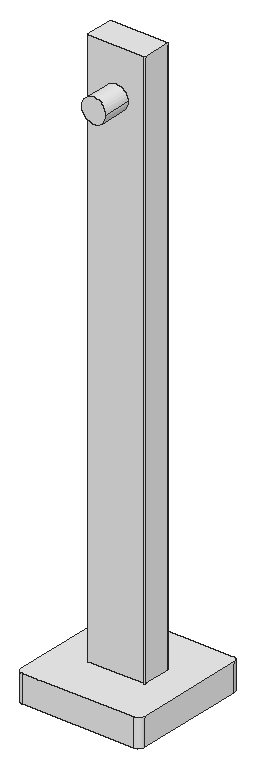
Revit family "Shower_Arm-GROHE-Rainshower-27710000", category Plumbing Fixtures, host Face, Revit 2014
Parameters
  Width = 7/8"  # constant formula
  Waste Connection = no
  Warranty Documentation Link = "https://cdn.cloud.grohe.com/tpi/1000/1900/1940/1949/1949006/original/1949006.pdf"
  WFU = 4  # constant formula
  Vent Connection = no
  URL = "https://www.grohe.us/"
  Type Comments = ""
  Tempered Connection Radius = Tempered Connection Diameter / 2  # 1/4"
  Tempered Connection Diameter = Hot Water Connection Diameter  # 1/2"
  Product Page URL = "https://www.grohe.us/en_us/rainshower-11-1-4-shower-arm-27710000.html"
  Price = "Prices may vary. Please consult Manufacturer Representative for most up-to-date price list."  # constant formula
  Model = "27710000"
  Material = "Metal-Grohe-000-Chrome"
  Manufacturer = "Grohe"
  Length = 3 3/16"  # constant formula
  Installation Type = "Wall Mounted"
  Hot Water Connection Radius = Hot Water Connection Diameter / 2  # 1/4"
  Hot Water Connection Diameter = Cold Water Connection Diameter  # 1/2"
  Height = 11 1/4"  # constant formula
  HWFU = 3  # constant formula
  Flow Rate = "2.0 gpm (7.6 L/min)"  # constant formula
  Finish = Metal-Grohe-000-Chrome
  Description = "Rainshower 11-1/4\" Shower Arm"
  Default Elevation = 78"  # constant formula
  Creation Date = "03/13/2017"  # constant formula
  Cold Water Connection Radius = 1/4"  # constant formula
  Cold Water Connection Diameter = Cold Water Connection Radius * 2  # 1/2"
  CWFU = 3  # constant formula
  Assembly Code = "D2090800"
Reference planes (in)
  plane 1 "Center (Front/Back)": y = 0
  plane 2: z = 0
  plane 3 "Center (Left/Right)": x = 0
  plane 4: z = 11.25
  plane 5: y = -0.875
  plane 6: x = -1.28125
  plane 7: y = 1.28125
  plane 8: z = 0.5625
  plane 9: x = 1.28125
  plane 10: y = -1.28125
Forms (in)
  Extrusion 1, solid, material "Metal-Grohe-000-Chrome" <- "Finish"
    sketch origin (0, 0, 0) x (1, 0, 0) y (0, 1, 0)
      loop
        arc (-1.15371, 1.28125) -> (-1.24389, 1.24389) -> (-1.28125, 1.15371) r 0.12754
        line (-1.28125, 1.15371) -> (-1.28125, -1.15371)
        arc (-1.28125, -1.15371) -> (-1.24389, -1.24389) -> (-1.15371, -1.28125) r 0.12754
        line (-1.15371, -1.28125) -> (1.15371, -1.28125)
        arc (1.15371, -1.28125) -> (1.24389, -1.24389) -> (1.28125, -1.15371) r 0.12754
        line (1.28125, -1.15371) -> (1.28125, 1.15371)
        arc (1.28125, 1.15371) -> (1.24389, 1.24389) -> (1.15371, 1.28125) r 0.12754
        line (1.15371, 1.28125) -> (-1.15371, 1.28125)
    from 0 to 0.5625
  Extrusion 2, solid, material "Metal-Grohe-000-Chrome" <- "Finish"
    sketch origin (0, 0, 0) x (1, 0, 0) y (0, 1, 0)
      loop
        arc (-0.60039, -0.285) -> (-0.5945, -0.29923) -> (-0.58028, -0.30512) r 0.02012
        line (-0.58028, -0.30512) -> (0.58028, -0.30512)
        arc (0.58028, -0.30512) -> (0.5945, -0.29923) -> (0.60039, -0.285) r 0.02012
        line (0.60039, -0.285) -> (0.60039, 0.285)
        arc (0.60039, 0.285) -> (0.5945, 0.29923) -> (0.58028, 0.30512) r 0.02012
        line (0.58028, 0.30512) -> (-0.58028, 0.30512)
        arc (-0.58028, 0.30512) -> (-0.5945, 0.29923) -> (-0.60039, 0.285) r 0.02012
        line (-0.60039, 0.285) -> (-0.60039, -0.285)
    from 0 to 12.20472
  Extrusion 3, solid, material "Metal-Grohe-000-Chrome" <- "Finish"
    sketch origin (0, 0, 0) x (1, 0, 0) y (0, 0, 1)
      loop
        circle (0, 11.25) r 0.25
    from 0 to 0.875
Cuts and joins
  joined: Extrusion 1, Extrusion 2, Extrusion 3
Lines and regions (in)
  Masking region 1
    outline origin (0, 0, 0) x (1, 0, 0) y (0, 0, 1)
      loop
        line (1.28125, 0) -> (1.28125, 0.5625) -> (0.60039, 0.5625) -> (0.60039, 12.20472) -> (-0.60039, 12.20472) -> (-0.60039, 0.5625) -> (-1.28125, 0.5625) -> (-1.28125, 0) -> (1.28125, 0)
  symbolic lines, style "PlumbingFixtures", detail levels fine
    curve 1: line (0.60039, 0, 0.5625) -> (-0.60039, 0, 0.5625)
Dimensions and locks (in)
  "Height": plane 4 to level
  "Width": plane 1 "Center (Front/Back)" to plane 5
  plane 8 to level = 9/16"
  aligned and locked: plane 2 to host face
  aligned and locked: level to host face
  aligned and locked: plane 7 to Extrusion 1 sketch curve
  aligned and locked: plane 6 to Extrusion 1 sketch curve
  aligned and locked: plane 10 to Extrusion 1 sketch curve
  aligned and locked: plane 9 to Extrusion 1 sketch curve
  aligned and locked: plane 8 to Extrusion 1
  aligned and locked: plane 5 to Extrusion 3
Automatic sketch dimensions
  host sketch curve to host sketch curve = 96"  (x2)
  Extrusion 1 sketch curve to Extrusion 1 sketch curve = 0.12754"  (x3)
  plane 10 to Extrusion 1 sketch curve = 0.12754"
  Extrusion 2 sketch curve to plane 3 "Center (Left/Right)" = 0.60039"
  Extrusion 2 sketch curve to Extrusion 2 sketch curve = 0.02012"  (x3)
  Extrusion 2 sketch curve to plane 1 "Center (Front/Back)" = 0.285"
  plane 3 "Center (Left/Right)" to Extrusion 2 sketch curve = 0.58028"
  Extrusion 2 sketch curve to Extrusion 2 sketch curve = 0"
  plane 1 "Center (Front/Back)" to Extrusion 2 sketch curve = 0.285"
  Extrusion 3 sketch curve to plane 3 "Center (Left/Right)" = 0"
  Extrusion 3 sketch curve to plane 4 = 0"
  Masking region 1 sketch curve to plane 6 = 0"
  Masking region 1 sketch curve to plane 8 = 0"  (x2)
  Masking region 1 sketch curve to level = 0"
  plane 9 to Masking region 1 sketch curve = 0"
  Masking region 1 sketch curve to plane 3 "Center (Left/Right)" = 0.60039"
  plane 4 to Masking region 1 sketch curve = 0.95472"
  plane 3 "Center (Left/Right)" to Masking region 1 sketch curve = 0.60039"
  curve 1 to plane 8 = 0"
  curve 1 to plane 3 "Center (Left/Right)" = 0.60039"
  plane 3 "Center (Left/Right)" to curve 1 = 0.60039"
  radius of Extrusion 3 sketch curve = 1/4"
Connectors (in)
  piping at (0, 0, 0), diameter 0.5, driven by "Tempered Connection Diameter"
    settings: on cut or joined group of Extrusion 1, Extrusion 2, Extrusion 3, index 1, connector inside diameter 24", connector length 0", flow factor 0, pipe flow 0 GPM, pressure drop 0.00 psi, fitting loss kfactor 0, connector angle 0.00°, fixture units 0, engagement length 0", angle of deflection 0.00°, flow configuration 0, flow direction 1, fitting loss method 0, system type 29, joint type 0, gender type 0, connector reference index -1, connector utility 0, adjustable connector no, is connector primary yes, connector description "1/2\" NPT Supply Inlet"
